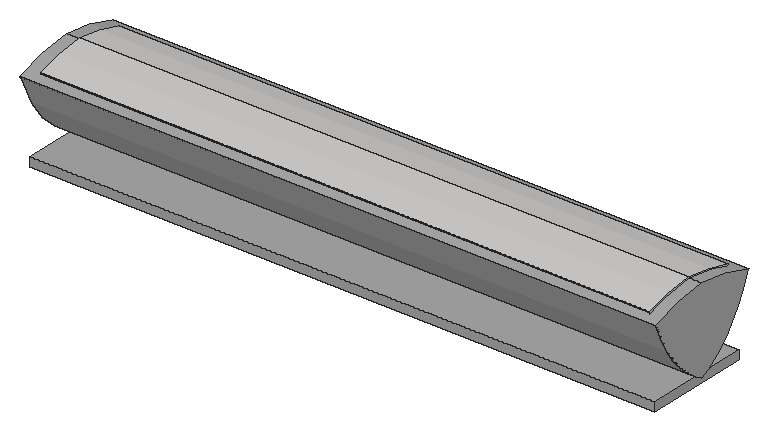
Revit family "V3", category Lighting Fixtures, host Face, Revit 2014
Parameters (values of type "V3-2'")
  Wattage = 34 W
  Warranty = "5-Years Warranty"  # constant formula
  built-in parameter 1150110 = 1 (stored number, unit not read)
  Voltage = 120 V
  Type Comments = "Lighting Fixture"  # constant formula
  built-in parameter 1114217 = 1 (stored number, unit not read)
  Tilt Angle = 0.00°
  built-in parameter 1150109 = 1 (stored number, unit not read)
  built-in parameter 1150134 = (empty or 0)
  built-in parameter 1150113 = 1 (stored number, unit not read)
  Product Page URL = "https://www.hubbell.com/hubbelllightingci/en/Products/Lighting-Controls/Commercial-Indoor-Lighting/Wall-Mount/V3-Adjustable-Wall-Valence/p/277715"
  Product Documentation Link = "https://hubbellcdn.com/specsheet/34_w.pdf"
  Power Factor = 1
  Photometric Web File = "34-W-ASD-04-PF-Cx-1T8.ies"
  Photometric Notes = "More IES files download on Photometric Link"  # constant formula
  Photometric Link = "https://www.hubbell.com/hubbelllightingci/en/Products/Lighting-Controls/Commercial-Indoor-Lighting/Wall-Mount/V3-Adjustable-Wall-Valence/p/277715#prod-resources-section"
  zz Length 1 = 24"
  Wattage Comments = "34W"  # constant formula
  URL = "https://www.hubbell.com/litecontrol/en/"
  Mounting = "Wall-Mount"  # constant formula
  Model = "V3 Adjustable Wall Valence"  # constant formula
  Manufacturer = "Litecontrol Lighting"  # constant formula
  built-in parameter 1150105 = 265.15 (stored number, unit not read)
  Lumens = 3332 lm
  built-in parameter 1150115 = 1 (stored number, unit not read)
  Load Classification = Lighting
  built-in parameter 1150137 = (empty or 0)
  built-in parameter 1150139 = (empty or 0)
  built-in parameter 1150112 = 1 (stored number, unit not read)
  built-in parameter 1150114 = 1 (stored number, unit not read)
  Lamp = "T8,T5 & T5HO"  # constant formula
  built-in parameter 1150132 = (empty or 0)
  built-in parameter 1150102 = (empty or 0)
  built-in parameter 1150107 = 3500 (stored number, unit not read)
  built-in parameter 1150138 = (empty or 0)
  built-in parameter 1150106 = 2.6515 (stored number, unit not read)
  Glass = Paint - Hubbell - Textured Matte White
  Fixture Distribution = "Asymmetric Indirect,Asymmetric Indirect-Direct,Asymmetric Semi-Direct"  # constant formula
  Emit from Rectangle Width = zz Length 1 - 1"  # 23"
  Emit from Rectangle Length = 3"  # constant formula
  Emit Shape Visible in Rendering = no
  built-in parameter 1150104 = 9.1045 (stored number, unit not read)
  Dimming Lamp Color Temperature Shift = <None>
  Description = "V3 is a high-design, adjustable distribution wall valance with a slim, ADA-compliant profile. This design is perfect for architectural environments where perimeter lighting is appropriate. It is ideal for corridors, small offices, conference rooms, and a variety of public spaces, especially those with low ceilings"  # constant formula
  Default Elevation = 48"
  Create Date = "11/21/2018"  # constant formula
  Copyright = "Copyright © 2018 Litecontrol"  # constant formula
  Contact Us = "https://www.hubbell.com/hubbelllightingci/en/contactUs?productId=277715"
  Color Filter = 16777215
  built-in parameter 1114218 = 1 (stored number, unit not read)
  Housing Material = Metal-Hubbell-Gray
  built-in parameter 1150133 = 10 (stored number, unit not read)
  Assembly Code = "D5020200"
  Apparent Load = 0 VA
Types (6): name | zz Length 1 | Emit from Rectangle Width
  (no name) | 24" | 23"
  V3-2' | 24" | 23"
  V3-3' | 36" | 35"
  V3-4' | 48" | 47"
  V3-6' | 72" | 71"
  V3-8' | 96" | 95"
Reference planes (in)
  plane 1 "Center (Front/Back)": y = 13.01342
  plane 2: z = 0
  plane 3 "Center (Left/Right)": x = 0
  plane 4: y = 15.20092
  plane 5: y = 10.82592
  plane 6: z = 3.5625
  plane 7: x = -12
  plane 8: x = 12
  plane 9: z = 3.6875
Forms (in)
  Extrusion 1, solid, material "Metal-Hubbell-Gray" <- "Housing Material"
    sketch origin (0, 0, 0) x (0, 1, 0) y (0, 0, 1)
      loop
        arc (15.20092, 3.0625) -> (14.1257, 3.39359) -> (13.01342, 3.5625) r 7.60776
        arc (13.01342, 3.5625) -> (11.90113, 3.39359) -> (10.82592, 3.0625) r 7.60776
        spline (10.82592, 3.0625) -> (10.9994, 2.64858) -> (11.17666, 2.28094) -> (11.35705, 1.95593) -> (11.53991, 1.66987) -> (11.7246, 1.41912) -> (11.91045, 1.20001) -> (12.09681, 1.00888) -> (12.28304, 0.84207) -> (12.46846, 0.69593) -> (12.65244, 0.56679) -> (12.83431, 0.451) -> (13.01342, 0.34489)
        spline (13.01342, 0.34489) -> (13.19253, 0.451) -> (13.3744, 0.56679) -> (13.55838, 0.69593) -> (13.7438, 0.84207) -> (13.93002, 1.00888) -> (14.11639, 1.20001) -> (14.30224, 1.41912) -> (14.48693, 1.66987) -> (14.66979, 1.95593) -> (14.85018, 2.28094) -> (15.02744, 2.64858) -> (15.20092, 3.0625)
    from -12 to 12
  Extrusion 2, solid, material "Metal-Hubbell-Gray" <- "Housing Material"
    sketch origin (0, 0, 0) x (1, 0, 0) y (0, 1, 0)
      loop
        line (-11.80078, 15.0017) -> (-11.80078, 11.02514) -> (11.80078, 11.02514) -> (11.80078, 15.0017) -> (-11.80078, 15.0017)
    from 0 to 0.34387
  Extrusion 3, solid, material "Paint - Hubbell - Textured Matte White" <- "Glass"
    sketch origin (0, 0, 0) x (0, 1, 0) y (0, 0, 1)
      loop
        arc (14.85154, 3.20111) -> (13.94164, 3.45503) -> (13.0073, 3.59428) r 7.6116
        arc (13.0073, 3.59428) -> (12.08506, 3.45768) -> (11.18644, 3.20936) r 7.61202
        line (11.18644, 3.20936) -> (11.19841, 3.08998)
        arc (11.19841, 3.08998) -> (12.09444, 3.33151) -> (13.01342, 3.46063) r 7.50619
        arc (13.01342, 3.46063) -> (13.9324, 3.33151) -> (14.82843, 3.08998) r 7.50619
        line (14.82843, 3.08998) -> (14.85154, 3.20111)
    from -11.5 to 11.5
Dimensions and locks (in)
  plane 6 to host face = 3.5625"
  "zz Length 1": plane 8 to plane 7
  equal spacing: plane 8, plane 3 "Center (Left/Right)", plane 7
  locked: plane 9 to plane 6 at 0.125
  aligned and locked: plane 2 to host face
  aligned and locked: level to host face
  aligned and locked: plane 8 to Extrusion 1
  aligned and locked: Extrusion 1 to plane 7
  aligned and locked: plane 1 "Center (Front/Back)" to imposter light
  aligned and locked: imposter light to plane 3 "Center (Left/Right)"
  aligned and locked: imposter light to plane 9
  aligned and locked: Extrusion 3 to imposter light  (x2)
Automatic sketch dimensions
  host sketch curve to host sketch curve = 96"  (x2)
  Extrusion 1 sketch curve to plane 5 = 0"
  Extrusion 1 sketch curve to plane 1 "Center (Front/Back)" = 0"  (x2)
  Extrusion 1 sketch curve to plane 4 = 0"
  Extrusion 1 sketch curve to plane 6 = 0"
  plane 1 "Center (Front/Back)" to Extrusion 1 sketch curve = 0.58291"
  Extrusion 1 sketch curve to plane 1 "Center (Front/Back)" = 0.58291"
  Extrusion 1 sketch curve to Extrusion 1 sketch curve = 0.5"  (x2)
  level to Extrusion 1 sketch curve = 0.34489"
  plane 7 to Extrusion 2 sketch curve = 0.19922"
  Extrusion 2 sketch curve to plane 8 = 0.19922"
  Extrusion 2 sketch curve to plane 5 = 0.19922"
  plane 4 to Extrusion 2 sketch curve = 0.19922"
  Extrusion 3 sketch curve to Extrusion 3 sketch curve = 0.0759"
  Extrusion 3 sketch curve to Extrusion 3 sketch curve = 0.03361"
  Extrusion 3 sketch curve to Extrusion 3 sketch curve = 0.0631"
  Extrusion 3 sketch curve to Extrusion 3 sketch curve = 0.03314"
  plane 1 "Center (Front/Back)" to Extrusion 3 sketch curve = 0.00612"
  Extrusion 3 sketch curve to plane 1 "Center (Front/Back)" = 0"
  plane 4 to Extrusion 3 sketch curve = 0.34938"
  plane 6 to Extrusion 3 sketch curve = 0.03178"
  Extrusion 3 sketch curve to Extrusion 3 sketch curve = 0.00047"
  Extrusion 3 sketch curve to plane 5 = 0.36052"
  Extrusion 3 sketch curve to Extrusion 3 sketch curve = 0.01197"
  plane 4 to Extrusion 3 sketch curve = 0.37249"
  Extrusion 3 sketch curve to Extrusion 3 sketch curve = 0.13365"
  Extrusion 3 sketch curve to Extrusion 3 sketch curve = 0.11113"
  Extrusion 3 sketch curve to Extrusion 3 sketch curve = 0.37065"
  Extrusion 3 sketch curve to Extrusion 3 sketch curve = 0.11938"
Connectors (in)
  electrical at (0, 13.01342, 0)
    settings: on Extrusion 2, index 1, voltage 110 V, apparent load 0 VA, apparent load phase1 0 VA, apparent load phase2 0 VA, apparent load phase3 0 VA, power factor 0.95, load classification "Other", number of poles 1, system type 30, power factor state 1, is connector primary yes, connector utility no, sub classification motor no, connector description "Lighting Connector"
